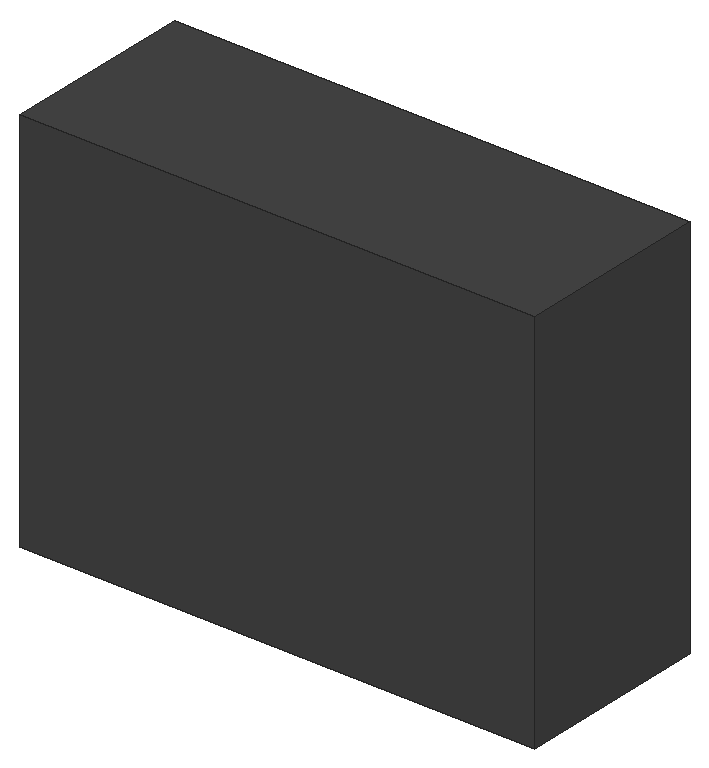
Revit family "RC Ground Beam", category Structural Foundations, Revit 2024
Family settings
  Material for Model Behavior = Concrete
  Cap = No
  Cut with Voids When Loaded = No
  Shared = No
  Show family pre-cut in plan views = Yes
Parameters (values of type "450x900mm")
  Width = 450 mm
  Structural Material = Concrete - Generic
  built-in parameter 1001306 [instance] = 1200 mm
  Foundation Thickness = 900 mm
  Default Elevation = 0 mm
Types (5, lengths in mm): name | Width | Foundation Thickness
  300x450mm | 300 | 450
  300x600mm | 300 | 600
  400x600mm | 400 | 600
  400x800mm | 400 | 800
  450x900mm | 450 | 900
Reference planes
  plane 1 "Center (Front/Back)": y = 0
  plane 2: z = 0
  plane 3 "Left": x = 0
  plane 4 "Right": x = 1200
  plane 5 "Side A": y = 225
  plane 6 "Side B": y = -225
  plane 7 "Bottom": z = -900
Forms (mm)
  Extrusion 1, solid, material "Concrete - Generic" <- "Structural Material"
    sketch origin (0, 0, 0) x (0, 1, 0) y (0, 0, 1)
      loop
        line (-225, 0) -> (-225, -900) -> (225, -900) -> (225, 0) -> (-225, 0)
    from 0 to 1200
Lines and regions (mm)
  reference lines
    curve 1: line (0, 0, 0) -> (1200, 0, 0)
Dimensions and locks
  "built-in parameter 1001306": plane 3 "Left" to plane 4 "Right"
  "Width": plane 6 "Side B" to plane 5 "Side A"
  equal spacing: plane 6 "Side B", plane 1 "Center (Front/Back)", plane 5 "Side A"
  "Foundation Thickness": level to plane 7 "Bottom"
  aligned and locked: plane 4 "Right" to curve 1
  aligned and locked: plane 1 "Center (Front/Back)" to curve 1
  aligned and locked: plane 3 "Left" to curve 1
  aligned and locked: level to plane 2
  aligned and locked: plane 4 "Right" to Extrusion 1
  aligned and locked: Extrusion 1 to plane 3 "Left"
  aligned and locked: plane 5 "Side A" to Extrusion 1
  aligned and locked: Extrusion 1 to plane 6 "Side B"
  aligned and locked: level to Extrusion 1
  aligned and locked: plane 7 "Bottom" to Extrusion 1
Automatic sketch dimensions
  Extrusion 1 sketch curve to level = 0 mm
  Extrusion 1 sketch curve to plane 6 "Side B" = 0 mm
  Extrusion 1 sketch curve to plane 5 "Side A" = 0 mm
  Extrusion 1 sketch curve to plane 7 "Bottom" = 0 mm
